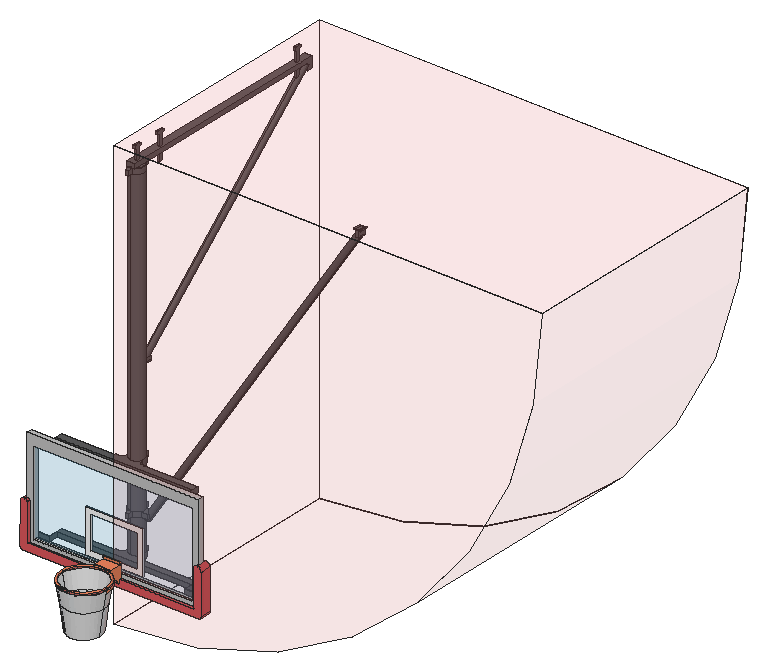
Revit family "Basketball_Backstop-Ceiling_Mount-Side_Fold-IPIbyBison-IP1345SF", category Specialty Equipment, Revit 2022
Family settings
  Round Connector Dimension = Use Diameter
  Part Type = Normal
  OmniClass Number = 23.40.50.34.14
  OmniClass Title = Gymnasium Equipment
  Always vertical = Yes
  Cut with Voids When Loaded = No
  Maintain Annotation Orientation = No
  Shared = No
  Room Calculation Point = No
Parameters (values of type "Right Fold")
  swingvis [instance] = and(Swing Clearance Visible, or(Fold Left, Fold Right))  # yes
  swingangle [instance] = if(Fold Left, 90.00°, -90.00°)  # -90.00°
  Unit Weight [instance] = 0
  URL = "https://ipibybison.com/"
  Swing Clearance Visible [instance] = yes
  Specification = "https://www.arcat.com/company/ipi-by-bison-38554/spec"
  Set Frame Below Truss Level [instance] = -0' - 1"
  Rim Color [instance] = Plastic - IPI by Bison - Orange OR
  Product Page URL = "https://www.arcat.com/arcatcos/cos38/arc38554.html"
  Net Color [instance] = Finish - IPI by Bison - White Netting
  Model = "IP1345SFR"
  Manufacturer = "IPI by Bison"
  Keynote = "11 66 00"
  Glass [instance] = Glass - IPI by Bison
  Frame Finish [instance] = Finish - IPI by Bison - Black
  Folding Clearance [instance] = ARCAT Clearance
  Fold Right = yes
  Fold Left = no
  F_Length of Piping Below Brace Point [instance] = 1' - 6"
  FF to Top of Hoop [instance] = 10' - 0"
  Description = "Back Folding Basketball Frame and Backboard, Ceiling Mount"
  Default Elevation = 0' - 0"
  Copyright = "© 2023 ARCAT"  # constant formula
  CAD Details = "https://www.arcat.com/company/ipi-by-bison-38554/cad"
  Backboard Type = Backboard_BA42XLGlass : Backboard_BA42XLGlass
  Backboard Square Color [instance] = Finish - IPI by Bison - White
  Backboard Padding Color [instance] = Plastic - IPI by Bison - Scarlet SC
  Backboard Frame Color [instance] = Finish - IPI by Bison - Satin Aluminum
  Backboard Distance from Wall [instance] = 7' - 0"
  B_Distance Between Y Frame Supports [instance] = 6' - 0"
  Available Options = "as Specified"
  A_Distance to Brace [instance] = 7' - 10"
Types (2): name | swingangle | Model | Fold Right | Fold Left
  Right Fold | -90.00° | "IP1345SFR" | yes | no
  Left Fold | 90.00° | "IP1345SFL" | no | yes
Reference planes (in)
  plane 1 "Center (Front/Back)": y = 0
  plane 2: z = 0
  plane 3 "Center (Left/Right)": x = 0
  plane 4: y = -84
  plane 5: z = 120
  plane 6: y = -72
  plane 7: y = 0
Forms (in)
  Revolve 1, solid, material "ARCAT Clearance" <- "Folding Clearance", visible <- "swingvis"
    sketch origin (0, 0, 0) x (0, 1, 0) y (0, 0, 1)
      loop
        line (12, 276) -> (-96, 276) -> (-96, 96) -> (12, 96) -> (12, 276)
      axis (12, 276) -> (-96, 276)
    angle from 0 to -90 <- "swingangle"
Dimensions and locks (in)
  "Backboard Distance from Wall": plane 4 to plane 1 "Center (Front/Back)"
  "FF to Top of Hoop": plane 5 to level
  locked: plane 4 to plane 6 at 12
  "B_Distance Between Y Frame Supports": plane 6 to plane 7
  locked: plane 7 to Revolve 1 sketch curve at 12
  locked: Revolve 1 sketch curve to plane 4 at 12
  locked: Revolve 1 sketch curve to plane 5 at 24
  aligned and locked: level to plane 2
  aligned and locked: plane 4 to nested 1
  aligned and locked: nested 2 to plane 3 "Center (Left/Right)"
  aligned and locked: nested 3 to plane 3 "Center (Left/Right)"
  aligned and locked: nested 2 to plane 4
  aligned and locked: plane 4 to nested 3
  aligned and locked: level to Revolve 1 sketch curve
Automatic sketch dimensions
  Revolve 1 sketch curve to level = 0' - 0"
  Revolve 1 sketch curve to Revolve 1 sketch curve = 1' - 10"
  Revolve 1 sketch curve to Revolve 1 sketch curve = 0' - 8"
Nested families (in)
  nested 1: "Backboard_BA42XLGlass" at (0, -84, 120) x (-1, 0, 0) z (0, 0, 1), built-in parameter 1001364 <- "FF to Top of Hoop", backboard color <- "Backboard Frame Color", backboard square color <- "Backboard Square Color", frame finish <- "Frame Finish", glass <- "Glass", rim finish <- "Rim Color", net color <- "Net Color", padding color <- "Backboard Padding Color", height offset <- "FF to Top of Hoop", type "Backboard_BA42XLGlass"
    with rim finish Plastic - IPI by Bison - Orange OR, padding color Plastic - IPI by Bison - Scarlet SC, net color Finish - IPI by Bison - White Netting, height offset 10' - 0", glass Glass - IPI by Bison, frame finish Finish - IPI by Bison - Black, backboard square color Finish - IPI by Bison - White, backboard color Finish - IPI by Bison - Satin Aluminum
  nested 2: "Frame_SFSB" at (0, -84, 275) x (0, -1, 0) z (0, 0, 1), built-in parameter 1001364 <- "Set Frame Below Truss Level", a <- "A_Distance to Brace", b <- "B_Distance Between Y Frame Supports", f <- "F_Length of Piping Below Brace Point", frame <- "Frame Finish", visible <- "Fold Right", type "Frame_SFSB"
    with frame Finish - IPI by Bison - Black, f 1' - 6", b 6' - 0", a 7' - 10"
  nested 3: "Frame_SFSB" at (0, -84, 275) x (0, -1, 0) z (0, 0, 1), built-in parameter 1001364 <- "Set Frame Below Truss Level", a <- "A_Distance to Brace", b <- "B_Distance Between Y Frame Supports", f <- "F_Length of Piping Below Brace Point", frame <- "Frame Finish", visible <- "Fold Left", type "Frame_SFSB"
    with frame Finish - IPI by Bison - Black, f 1' - 6", b 6' - 0", a 7' - 10"
Definition of nested family "Backboard_BA42XLGlass"
  Parameters (values of type "Backboard_BA42XLGlass")
    padding color [instance] = none
    net color [instance] = none
    rim finish [instance] = none
    height offset [instance] = 9' - 6"
    glass [instance] = none
    frame finish [instance] = none
    backboard square color [instance] = none
    backboard color [instance] = none
    Default Elevation = 4' - 0"
  Reference planes (in)
    plane 1 "Center (Front/Back)": y = 0
    plane 2: z = 0
    plane 3 "Center (Left/Right)": x = 0
    plane 4: z = -114
  Forms (in)
    Extrusion 1, solid, material <- "backboard color"
      sketch origin (-8.43545, 11.2937, 28.94441) x (1, 0, 0) y (0, 0, 1)
        loop
          line (-27.56455, 6.99989) -> (-27.56455, -35.00011) -> (44.43545, -35.00011) -> (44.43545, 6.99989) -> (-27.56455, 6.99989)
        loop
          line (41.81045, 2.74989) -> (-24.93955, 2.74989) -> (-24.93955, -32.37511) -> (41.81045, -32.37511) -> (41.81045, 2.74989)
      from 1.125 to -1.125
    Extrusion 2, solid, material <- "padding color"
      sketch origin (-8.43545, 11.2937, 29.06941) x (1, 0, 0) y (0, 0, 1)
        loop
          line (-27.55038, -17.62511) -> (-27.80038, -17.62511)
          arc (-27.80038, -17.62511) -> (-29.03781, -18.13767) -> (-29.55038, -19.37511) r 1.75
          line (-29.55038, -19.37511) -> (-29.55038, -36.12511)
          arc (-29.55038, -36.12511) -> (-29.25748, -36.83222) -> (-28.55038, -37.12511) r 1
          line (-28.55038, -37.12511) -> (45.44962, -37.12511)
          arc (45.44962, -37.12511) -> (46.15673, -36.83222) -> (46.44962, -36.12511) r 1
          line (46.44962, -36.12511) -> (46.44962, -19.37511)
          arc (46.44962, -19.37511) -> (45.93706, -18.13767) -> (44.69962, -17.62511) r 1.75
          line (44.69962, -17.62511) -> (44.42127, -17.62511)
          arc (44.42127, -17.62511) -> (43.71416, -17.918) -> (43.42127, -18.62511) r 1
          line (43.42127, -18.62511) -> (43.42127, -33.98376) -> (-26.55038, -33.98376) -> (-26.55038, -18.62511)
          arc (-26.55038, -18.62511) -> (-26.84327, -17.918) -> (-27.55038, -17.62511) r 1
      from -2.18697 to 2.14819
    Revolve 3, solid, material <- "net color"
      sketch origin (-8.43545, 27.4812, 28.93687) x (1, 0, 0) y (0, 0, 1)
        loop
          circle (-0.85808, -29.24642) r 0.3125
        loop
          line (-1.03195, -29.9762) -> (0.27041, -37.36226) -> (1.80132, -48.25521) -> (2.05377, -48.25521) -> (0.51737, -37.32314) -> (-0.77809, -29.9762) -> (-1.03195, -29.9762)
        axis (8.43545, -48.25521) -> (8.43545, -29.24642)
      angle from 0 to 360
    Revolve 4, solid, material <- "rim finish"
      sketch origin (0.02792, 11.2937, 0) x (0, 1, 0) y (0, 0, 1)
        loop
          line (6.79001, -0.625) -> (6.54001, -0.625) -> (6.54001, -2.125) -> (6.79001, -2.125) -> (6.79001, -0.625)
        axis (16.04001, -2.125) -> (16.04001, -0.625)
      angle from -90 to 90
    Extrusion 5, solid, material <- "rim finish"
      sketch origin (0, 0, 0) x (0, 1, 0) y (0, 0, 1)
        loop
          line (17.69724, 0) -> (12.8212, 0) -> (13.12361, 1.21287) -> (12.79369, 1.29513) -> (12.47078, 0) -> (12.47078, -6.5) -> (13.63137, -6.5) -> (17.69724, -2.43414) -> (17.69724, 0)
      from -3.50075 to 3.49925
    Extrusion 6, solid, material <- "backboard square color"
      sketch origin (0.02792, 11.2937, 0) x (1, 0, 0) y (0, 0, 1)
        loop
          line (-12.02792, 16.0023) -> (-12.02792, -1.9977) -> (11.97208, -1.9977) -> (11.97208, 16.0023) -> (-12.02792, 16.0023)
        loop
          line (-10.02792, 14.0023) -> (-10.02792, 0) -> (9.97208, 0) -> (9.97208, 14.0023) -> (-10.02792, 14.0023)
      from -0.44333 to 0.05679
    Extrusion 7, solid, material <- "glass"
      sketch origin (0.02792, 11.2937, 0) x (1, 0, 0) y (0, 0, 1)
        loop
          line (-33.40292, 31.6943) -> (-33.40292, -3.4307) -> (33.34708, -3.4307) -> (33.34708, 31.6943) -> (-33.40292, 31.6943)
      from -0.405 to 0
    Extrusion 8, solid, material <- "frame finish"
      sketch origin (0, 11.2937, 0) x (1, 0, 0) y (0, 1, 0)
        loop
          line (-28.5, -7.7495) -> (-6, -7.7495) -> (-6, -8.1245) -> (-4.12188, -8.1245) -> (-3.02199, -10.02957)
          arc (-3.02199, -10.02957) -> (-2.89931, -12.81607) -> (-0.66175, -14.4813) r 3.25
          line (-0.66175, -14.4813) -> (-0.66175, -16.28845) -> (0.60591, -16.28845) -> (0.60591, -14.4813)
          arc (0.60591, -14.4813) -> (2.82905, -12.84298) -> (2.98938, -10.08605) r 3.25
          line (2.98938, -10.08605) -> (4.12188, -8.1245) -> (6, -8.1245) -> (6, -7.7495) -> (28.5, -7.7495) -> (28.5, -1.4995) -> (33, -1.4995) -> (33, -1.125) -> (28.25, -1.125) -> (28.25, -4.7495) -> (-28.25, -4.7495) -> (-28.25, -1.125) -> (-33, -1.125) -> (-33, -1.4995) -> (-28.5, -1.4995) -> (-28.5, -7.7495)
      from -3.4307 to -1.5237
    Extrusion 9, solid, material <- "frame finish"
      sketch origin (0, 11.2937, 0) x (1, 0, 0) y (0, 1, 0)
        loop
          line (-28.5, -7.7495) -> (-6, -7.7495) -> (-6, -8.1245) -> (-4.12188, -8.1245) -> (-3.02199, -10.02957)
          arc (-3.02199, -10.02957) -> (-2.89931, -12.81607) -> (-0.66175, -14.4813) r 3.25
          line (-0.66175, -14.4813) -> (-0.66175, -16.28845) -> (0.60591, -16.28845) -> (0.60591, -14.4813)
          arc (0.60591, -14.4813) -> (2.82905, -12.84298) -> (2.98938, -10.08605) r 3.25
          line (2.98938, -10.08605) -> (4.12188, -8.1245) -> (6, -8.1245) -> (6, -7.7495) -> (28.5, -7.7495) -> (28.5, -1.4995) -> (33, -1.4995) -> (33, -1.125) -> (28.25, -1.125) -> (28.25, -4.7495) -> (-28.25, -4.7495) -> (-28.25, -1.125) -> (-33, -1.125) -> (-33, -1.4995) -> (-28.5, -1.4995) -> (-28.5, -7.7495)
      from 31.75979 to 34.1423
  Lines and regions (in)
    model lines
      curve 1: line (-0.00075, 0, 0) -> (-0.00075, 0, -114)
  Dimensions and locks (in)
    "height offset": level to plane 4
    aligned and locked: plane 2 to level
    aligned and locked: plane 4 to curve 1
  Automatic sketch dimensions
    curve 1 to level = 0' - 0"
    curve 1 to plane 3 "Center (Left/Right)" = 0' - 0.00075"
    Extrusion 1 sketch curve to plane 3 "Center (Left/Right)" = 3' - 0"
    Extrusion 1 sketch curve to Extrusion 1 sketch curve = 0' - 2 5/8"  (x2)
    plane 3 "Center (Left/Right)" to Extrusion 1 sketch curve = 2' - 9 3/8"
    Extrusion 1 sketch curve to level = 0' - 6.0557"
    Extrusion 1 sketch curve to level = 0' - 3.4307"
    level to Extrusion 1 sketch curve = 2' - 7.6943"
    Extrusion 1 sketch curve to Extrusion 1 sketch curve = 0' - 4 1/4"
    level to Extrusion 2 sketch curve = 0' - 9.6943"
    Extrusion 2 sketch curve to plane 3 "Center (Left/Right)" = 3' - 1.98582"
    Extrusion 2 sketch curve to Extrusion 2 sketch curve = 0' - 1"  (x4)
    Extrusion 2 sketch curve to Extrusion 2 sketch curve = 0' - 1 3/4"
    Extrusion 2 sketch curve to Extrusion 2 sketch curve = 0' - 0 1/4"
    level to Extrusion 2 sketch curve = 0' - 10.4443"
    plane 3 "Center (Left/Right)" to Extrusion 2 sketch curve = 2' - 10.98582"
    Extrusion 2 sketch curve to Extrusion 2 sketch curve = 0' - 0.27835"
    Extrusion 2 sketch curve to Extrusion 2 sketch curve = 0' - 2.02835"
    Extrusion 2 sketch curve to level = 0' - 4.91435"
    Extrusion 2 sketch curve to Extrusion 2 sketch curve = 0' - 2.14135"
    Revolve 3 sketch curve to plane 3 "Center (Left/Right)" = 0' - 0"
    Revolve 3 sketch curve to plane 3 "Center (Left/Right)" = 0' - 6.38167"
    Revolve 3 sketch curve to Revolve 3 sketch curve = 0' - 0.25246"
    Revolve 3 sketch curve to plane 3 "Center (Left/Right)" = 0' - 7.91808"
    Revolve 3 sketch curve to Revolve 3 sketch curve = 0' - 0.24696"
    Revolve 3 sketch curve to level = 0' - 1.03933"
    Revolve 3 sketch curve to Revolve 3 sketch curve = 0' - 1.0485"
    Revolve 3 sketch curve to level = 0' - 0.30954"
    Revolve 3 sketch curve to Revolve 3 sketch curve = 0' - 0.07999"
    Revolve 3 sketch curve to Revolve 3 sketch curve = 0' - 0.25386"
    Revolve 3 sketch curve to Revolve 3 sketch curve = 0' - 7.34694"
    Revolve 3 sketch curve to Revolve 3 sketch curve = 0' - 0.03911"
    Revolve 3 sketch curve to Revolve 3 sketch curve = 0' - 10.89295"
    Revolve 3 sketch curve to level = 0' - 0.00754"
    level to Revolve 3 sketch curve = 0' - 2.99246"
    Revolve 4 sketch curve to level = 0' - 2 1/8"
    Revolve 4 sketch curve to plane 1 "Center (Front/Back)" = 1' - 5.83371"
    Revolve 4 sketch curve to Revolve 4 sketch curve = 0' - 0 1/4"
    Revolve 4 sketch curve to level = 0' - 0 5/8"  (x2)
    Revolve 4 sketch curve to Revolve 4 sketch curve = 0' - 9 1/4"
    level to Revolve 4 sketch curve = 0' - 3 1/8"
    Extrusion 5 sketch curve to level = 0' - 0"  (x2)
    Extrusion 5 sketch curve to plane 1 "Center (Front/Back)" = 1' - 0.47078"
    level to Extrusion 5 sketch curve = 0' - 1.29513"
    Extrusion 5 sketch curve to Extrusion 5 sketch curve = 0' - 0.32291"
    Extrusion 5 sketch curve to Extrusion 5 sketch curve = 0' - 0.35043"
    Extrusion 5 sketch curve to Extrusion 5 sketch curve = 0' - 1.16059"
    Extrusion 5 sketch curve to Extrusion 5 sketch curve = 0' - 4.57363"
    Extrusion 5 sketch curve to Extrusion 5 sketch curve = 0' - 2.43414"
    Extrusion 5 sketch curve to Extrusion 5 sketch curve = 0' - 6 1/2"
    Extrusion 6 sketch curve to level = 0' - 0"
    Extrusion 6 sketch curve to level = 0' - 1.9977"
    Extrusion 6 sketch curve to plane 3 "Center (Left/Right)" = 1' - 0"
    Extrusion 6 sketch curve to Extrusion 6 sketch curve = 0' - 2"  (x3)
    plane 3 "Center (Left/Right)" to Extrusion 6 sketch curve = 0' - 10"
    Extrusion 6 sketch curve to Extrusion 6 sketch curve = 1' - 2.0023"
    Extrusion 7 sketch curve to plane 3 "Center (Left/Right)" = 2' - 9 3/8"
    Extrusion 7 sketch curve to level = 0' - 3.4307"
    plane 3 "Center (Left/Right)" to Extrusion 7 sketch curve = 2' - 9 3/8"
    level to Extrusion 7 sketch curve = 2' - 7.6943"
    Extrusion 8 sketch curve to Extrusion 8 sketch curve = 0' - 0"  (x3)
    plane 1 "Center (Front/Back)" to Extrusion 8 sketch curve = 0' - 0"
    Extrusion 8 sketch curve to plane 1 "Center (Front/Back)" = 0' - 9.7942"
    Extrusion 8 sketch curve to plane 3 "Center (Left/Right)" = 2' - 9"
    Extrusion 8 sketch curve to plane 1 "Center (Front/Back)" = 0' - 3.5442"
    Extrusion 8 sketch curve to Extrusion 8 sketch curve = 0' - 4 1/2"  (x2)
    Extrusion 8 sketch curve to Extrusion 8 sketch curve = 0' - 0 1/4"  (x2)
    Extrusion 8 sketch curve to plane 3 "Center (Left/Right)" = 0' - 6"
    Extrusion 8 sketch curve to Extrusion 8 sketch curve = 0' - 1.87812"  (x2)
    Extrusion 8 sketch curve to Extrusion 8 sketch curve = 0' - 1.09989"
    Extrusion 8 sketch curve to plane 3 "Center (Left/Right)" = 0' - 0.66175"
    Extrusion 8 sketch curve to plane 3 "Center (Left/Right)" = 0' - 0.02792"
    plane 3 "Center (Left/Right)" to Extrusion 8 sketch curve = 0' - 0.60591"
    Extrusion 8 sketch curve to plane 1 "Center (Front/Back)" = 0' - 1.20765"
    plane 3 "Center (Left/Right)" to Extrusion 8 sketch curve = 0' - 2.98938"
    Extrusion 8 sketch curve to Extrusion 8 sketch curve = 0' - 1.1325"
    Extrusion 8 sketch curve to plane 1 "Center (Front/Back)" = 0' - 10.1687"
    Extrusion 8 sketch curve to Extrusion 8 sketch curve = 1' - 10 1/4"
    Extrusion 8 sketch curve to Extrusion 8 sketch curve = 0' - 1.80715"
    Extrusion 8 sketch curve to Extrusion 8 sketch curve = 0' - 0 3/8"  (x2)
    Extrusion 8 sketch curve to plane 1 "Center (Front/Back)" = 0' - 3.1692"
    Extrusion 8 sketch curve to Extrusion 8 sketch curve = 0' - 3"
    Extrusion 8 sketch curve to Extrusion 8 sketch curve = 0' - 0.3745"  (x2)
    Extrusion 9 sketch curve to Extrusion 9 sketch curve = 0' - 0"  (x3)
    plane 1 "Center (Front/Back)" to Extrusion 9 sketch curve = 0' - 0"
    Extrusion 9 sketch curve to plane 1 "Center (Front/Back)" = 0' - 9.7942"
    Extrusion 9 sketch curve to plane 3 "Center (Left/Right)" = 2' - 9"
    Extrusion 9 sketch curve to plane 1 "Center (Front/Back)" = 0' - 3.5442"  (x2)
    Extrusion 9 sketch curve to Extrusion 9 sketch curve = 0' - 4 1/2"  (x2)
    Extrusion 9 sketch curve to Extrusion 9 sketch curve = 0' - 0 1/4"  (x2)
    Extrusion 9 sketch curve to plane 3 "Center (Left/Right)" = 0' - 6"
    Extrusion 9 sketch curve to Extrusion 9 sketch curve = 0' - 1.87812"  (x2)
    Extrusion 9 sketch curve to Extrusion 9 sketch curve = 0' - 1.09989"
    Extrusion 9 sketch curve to plane 3 "Center (Left/Right)" = 0' - 0.66175"
    Extrusion 9 sketch curve to plane 3 "Center (Left/Right)" = 0' - 0.02792"
    plane 3 "Center (Left/Right)" to Extrusion 9 sketch curve = 0' - 0.60591"
    Extrusion 9 sketch curve to plane 1 "Center (Front/Back)" = 0' - 1.20765"
    plane 3 "Center (Left/Right)" to Extrusion 9 sketch curve = 0' - 2.98938"
    Extrusion 9 sketch curve to Extrusion 9 sketch curve = 0' - 1.1325"
    Extrusion 9 sketch curve to plane 1 "Center (Front/Back)" = 0' - 10.1687"
    Extrusion 9 sketch curve to Extrusion 9 sketch curve = 1' - 10 1/4"
    Extrusion 9 sketch curve to Extrusion 9 sketch curve = 0' - 1.80715"
    Extrusion 9 sketch curve to Extrusion 9 sketch curve = 0' - 0 3/8"
    Extrusion 9 sketch curve to plane 1 "Center (Front/Back)" = 0' - 3.1692"
    Extrusion 9 sketch curve to Extrusion 9 sketch curve = 0' - 3"
    Extrusion 9 sketch curve to Extrusion 9 sketch curve = 0' - 0.3745"  (x2)
    radius of Revolve 3 sketch curve = 0' - 0 5/16"
Definition of nested family "Frame_SFSB"
  Parameters (values of type "Frame_SFSB")
    frame [instance] = none
    f [instance] = 1' - 6"
    b [instance] = 3' - 0"
    a [instance] = 7' - 10"
    Default Elevation = 4' - 0"
  Reference planes (in)
    plane 1 "Center (Front/Back)": y = 0
    plane 2: z = 0
    plane 3 "Center (Left/Right)": x = 0
    plane 4: z = -4.125
    plane 5: z = -159.08066
    plane 6: z = -141.08066
    plane 7: y = 94
    plane 8: x = -12
    plane 9: x = -48
  Forms (in)
    Extrusion 1, solid, material <- "frame"
      sketch origin (0, 0, 0) x (-1, 0, 0) y (0, 0, 1)
        loop
          line (-3, -10.93966) -> (52, -10.93966) -> (52, -13.93966) -> (54, -13.93966) -> (54, -9.12716) -> (-3, -9.12716) -> (-3, -10.93966)
      from -1.5 to 1.5
    Sweep 2, solid, material <- "frame"
      path origin (0, 0, 0) x (-1, 0, 0) y (0, 0, 1)
        loop
          line (52.82457, -11.97955) -> (4.2199, -85.60455)
      profile origin (-28.52224, 0, -48.79205) x (-0.834546, 0, -0.550938) y (0, 1, 0)
        loop
          circle (0, 0) r 1.1875
    Extrusion 3, solid, material <- "frame"
      sketch origin (0, 0, 0) x (-1, 0, 0) y (0, 0, 1)
        loop
          line (11.5, -3.57547) -> (10.8199, -3.57547) -> (10.8199, -4.57547) -> (11.5, -4.57547) -> (11.5, -14.94659) -> (12.5, -14.94659) -> (12.5, -4.50272) -> (13.68819, -4.50272) -> (13.68819, -3.67379) -> (12.875, -3.67379) -> (12.875, -3.45566) -> (11.5, -3.45566) -> (11.5, -3.57547)
        loop
          line (47.5, -3.57547) -> (46.8199, -3.57547) -> (46.8199, -4.57547) -> (47.5, -4.57547) -> (47.5, -14.94659) -> (48.5, -14.94659) -> (48.5, -4.50272) -> (49.68819, -4.50272) -> (49.68819, -3.67379) -> (48.875, -3.67379) -> (48.875, -3.45566) -> (47.5, -3.45566) -> (47.5, -3.57547)
        loop
          line (-0.5, -3.57547) -> (-1.1801, -3.57547) -> (-1.1801, -4.57547) -> (-0.5, -4.57547) -> (-0.5, -14.94659) -> (0.5, -14.94659) -> (0.5, -4.50272) -> (1.68819, -4.50272) -> (1.68819, -3.67379) -> (0.875, -3.67379) -> (0.875, -3.45566) -> (-0.5, -3.45566) -> (-0.5, -3.57547)
      from -0.4375 to 0.4375
    Extrusion 4, solid, material <- "frame"
      sketch origin (0, 0, 0) x (0, -1, 0) y (0, 0, 1)
        loop
          line (-1.5, -85.08066) -> (-1.5, -86.58066)
          arc (-1.5, -86.58066) -> (-1.35355, -86.93421) -> (-1, -87.08066) r 0.5
          line (-1, -87.08066) -> (1, -87.08066)
          arc (1, -87.08066) -> (1.35355, -86.93421) -> (1.5, -86.58066) r 0.5
          line (1.5, -86.58066) -> (1.5, -85.08066) -> (-1.5, -85.08066)
      from -0.06845 to 5.8145
    Extrusion 5, solid, material <- "frame"
      sketch origin (0, 0, 0) x (-1, 0, 0) y (0, -1, 0)
        loop
          circle (0, 0) r 3
      from -159.08066 to -10.81466
    Extrusion 6, solid, material <- "frame"
      sketch origin (0, 0, 0) x (-1, 0, 0) y (0, -1, 0)
        loop
          line (-5.03472, 0.60591) -> (-5.03472, -0.60591) -> (-3.12072, -0.60591)
          arc (-3.12072, -0.60591) -> (0, -3.179) -> (3.12072, -0.60591) r 3.179
          line (3.12072, -0.60591) -> (5.03472, -0.60591) -> (5.03472, 0.60591) -> (3.12072, 0.60591)
          arc (3.12072, 0.60591) -> (0, 3.179) -> (-3.12072, 0.60591) r 3.179
          line (-3.12072, 0.60591) -> (-5.03472, 0.60591)
      from -13.07366 to -11.07366
    Sweep 7, solid, material <- "frame"
      path origin (0, 0, 0) x (0, -1, 0) y (0, 0, 1)
        loop
          line (-4.7442, -142.54073) -> (-94, -3.76608)
      profile origin (0, 49.3721, -73.15341) x (0, 0.841058, -0.540944) y (-1, 0, 0)
        loop
          circle (0, 0) r 1.1875
    Extrusion 8, solid, material <- "frame"
      sketch origin (0, 0, 0) x (-1, 0, 0) y (0, -1, 0)
        loop
          line (-5.03472, 0.60591) -> (-5.03472, -0.60591) -> (-3.12072, -0.60591)
          arc (-3.12072, -0.60591) -> (-2.55821, -1.88723) -> (-1.5, -2.80286) r 3.179
          line (-1.5, -2.80286) -> (-1.5, -6.10591) -> (1.5, -6.10591) -> (1.5, -2.80286)
          arc (1.5, -2.80286) -> (2.55821, -1.88723) -> (3.12072, -0.60591) r 3.179
          line (3.12072, -0.60591) -> (5.03472, -0.60591) -> (5.03472, 0.60591) -> (3.12072, 0.60591)
          arc (3.12072, 0.60591) -> (0, 3.179) -> (-3.12072, 0.60591) r 3.179
          line (-3.12072, 0.60591) -> (-5.03472, 0.60591)
      from -142.08066 to -140.08066
    Extrusion 9, solid, material <- "frame"
      sketch origin (0, 0, -1.125) x (0, -1, 0) y (0, 0, 1)
        loop
          line (-94.625, -0.80732) -> (-94.625, -3.80732) -> (-93.375, -3.80732) -> (-93.375, -0.80732) -> (-94.625, -0.80732)
      from -1.5 to 1.5
    Extrusion 10, solid, material <- "frame"
      sketch origin (0, 0, -1.125) x (0, -1, 0) y (0, 0, 1)
        loop
          line (-95.5, -0.80732) -> (-95.5, -1.05732) -> (-92.5, -1.05732) -> (-92.5, -0.80732) -> (-95.5, -0.80732)
      from -1.5 to 1.5
  Dimensions and locks (in)
    locked: level to plane 4 at 4.125
    "f": plane 6 to plane 5
    locked: level to plane 6 at 141.08066
    locked: plane 3 "Center (Left/Right)" to Sweep 2 sketch curve at 4.2199
    locked: plane 4 to Sweep 2 sketch curve at 7.85455
    locked: Extrusion 1 sketch curve to Extrusion 1 sketch curve at 2
    Extrusion 3 sketch curve to Extrusion 3 sketch curve to Extrusion 3 sketch curve to Extrusion 3 sketch curve to Extrusion 3 sketch curve to Extrusion 3 sketch curve = 0' - 0.81319" locked, 0' - 0 3/8" locked, 0' - 1", 0' - 0" locked, 0' - 0.6801" locked  (x3)
    "a": plane 1 "Center (Front/Back)" to plane 7
    Extrusion 10 sketch curve to plane 7 to Extrusion 10 sketch curve = 0' - 1 1/2" locked, 0' - 1 1/2" locked
    Extrusion 9 sketch curve to plane 7 to Extrusion 9 sketch curve = 0' - 0 5/8" locked, 0' - 0 5/8" locked
    locked: plane 7 to Sweep 7 sketch curve at 0
    locked: level to Sweep 7 sketch curve at 3.76608
    locked: plane 6 to Sweep 7 sketch curve at 1.46007
    locked: plane 1 "Center (Front/Back)" to Sweep 7 sketch curve at 4.7442
    Extrusion 4 sketch curve to Extrusion 4 sketch curve to plane 6 = 0' - 2" locked, 4' - 6" locked
    locked: plane 3 "Center (Left/Right)" to plane 8 at 12
    "b": plane 8 to plane 9
    locked: plane 9 to Extrusion 3 sketch curve at 1.68819
    locked: plane 8 to Extrusion 3 sketch curve at 1.68819
    locked: plane 9 to Extrusion 1 sketch curve at 4
    locked: Extrusion 1 sketch curve to plane 3 "Center (Left/Right)" at 3
    locked: plane 9 to Sweep 2 sketch curve at 4.82457
    locked: plane 4 to Sweep 2 sketch curve at 81.47955
    locked: plane 3 "Center (Left/Right)" to Extrusion 3 sketch curve at 1.68819
    aligned and locked: plane 2 to level
    aligned and locked: plane 5 to Extrusion 5
  Automatic sketch dimensions
    Extrusion 1 sketch curve to plane 4 = 0' - 6.81466"
    Extrusion 1 sketch curve to plane 4 = 0' - 9.81466"
    Extrusion 1 sketch curve to Extrusion 1 sketch curve = 0' - 1 13/16"
    Sweep 2 sketch curve to profile plane = 0' - 0"
    profile plane to Sweep 2 sketch curve = 0' - 0"
    Extrusion 4 sketch curve to plane 1 "Center (Front/Back)" = 0' - 1 1/2"
    Extrusion 4 sketch curve to Extrusion 4 sketch curve = 0' - 0 1/2"  (x2)
    plane 1 "Center (Front/Back)" to Extrusion 4 sketch curve = 0' - 1"
    plane 1 "Center (Front/Back)" to Extrusion 5 sketch curve = 0' - 0"
    Extrusion 5 sketch curve to plane 3 "Center (Left/Right)" = 0' - 0"
    Extrusion 6 sketch curve to Extrusion 6 sketch curve = 0' - 0"  (x3)
    plane 1 "Center (Front/Back)" to Extrusion 6 sketch curve = 0' - 0"
    Extrusion 6 sketch curve to plane 3 "Center (Left/Right)" = 0' - 0"
    Extrusion 6 sketch curve to plane 1 "Center (Front/Back)" = 0' - 0.60591"  (x2)
    plane 3 "Center (Left/Right)" to Extrusion 6 sketch curve = 0' - 3.12072"
    plane 1 "Center (Front/Back)" to Extrusion 6 sketch curve = 0' - 0.60591"  (x2)
    Extrusion 6 sketch curve to Extrusion 6 sketch curve = 0' - 1.914"  (x2)
    Extrusion 6 sketch curve to plane 3 "Center (Left/Right)" = 0' - 3.12072"
    profile plane to Sweep 7 sketch curve = 0' - 0"
    Sweep 7 sketch curve to profile plane = 0' - 0"
    Extrusion 9 sketch curve to plane 4 = 0' - 0.80732"
    Extrusion 9 sketch curve to level = 0' - 1.93232"
    plane 4 to Extrusion 10 sketch curve = 0' - 1.94268"
    Extrusion 10 sketch curve to Extrusion 10 sketch curve = 0' - 0 1/4"
    Extrusion 8 sketch curve to Extrusion 8 sketch curve = 0' - 0"  (x6)
    plane 1 "Center (Front/Back)" to Extrusion 8 sketch curve = 0' - 0"
    Extrusion 8 sketch curve to plane 3 "Center (Left/Right)" = 0' - 0"
    plane 3 "Center (Left/Right)" to Extrusion 8 sketch curve = 0' - 1 1/2"
    Extrusion 8 sketch curve to plane 1 "Center (Front/Back)" = 0' - 0.60591"  (x2)
    plane 3 "Center (Left/Right)" to Extrusion 8 sketch curve = 0' - 3.12072"
    plane 1 "Center (Front/Back)" to Extrusion 8 sketch curve = 0' - 0.60591"  (x2)
    Extrusion 8 sketch curve to Extrusion 8 sketch curve = 0' - 1.914"  (x2)
    Extrusion 8 sketch curve to plane 3 "Center (Left/Right)" = 0' - 1 1/2"
    Extrusion 8 sketch curve to plane 3 "Center (Left/Right)" = 0' - 3.12072"
    Extrusion 8 sketch curve to Extrusion 8 sketch curve = 0' - 3.30305"
    plane 4 to Extrusion 3 sketch curve = 0' - 0.45121"  (x3)
    Extrusion 3 sketch curve to plane 4 = 0' - 0.37772"  (x3)
    Extrusion 3 sketch curve to plane 4 = 0' - 0.45047"  (x3)
    Extrusion 3 sketch curve to Extrusion 3 sketch curve = 0' - 10.37112"  (x3)
    plane 4 to Extrusion 3 sketch curve = 0' - 0.54953"  (x3)
    Extrusion 3 sketch curve to Extrusion 3 sketch curve = 0' - 0.21814"  (x3)
    radius of Sweep 2 sketch curve = 0' - 1 3/16"
    radius of Extrusion 5 sketch curve = 0' - 3"
    radius of Sweep 7 sketch curve = 0' - 1 3/16"
